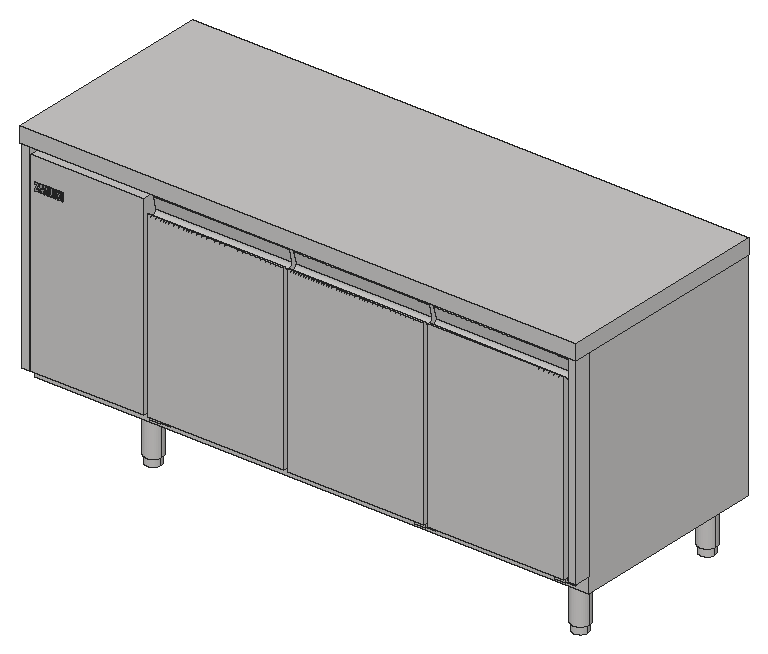
Revit family "QF_ZANUSSI_712804_ZHR3BL", category Attrezzature speciali, Revit 2018
Family settings
  Quota connettore circolare = Usa diametro
  Tipo di parte = Normale
  Basato su piano di lavoro = No
  Sempre verticale = Sì
  Taglio con vuoti quando caricato = No
  Condiviso = No
  Punto di calcolo locali = No
Parameters (values of type "Standard")
  Weight = 1.00 kg
  Watts = 250 W
  Volts = 220 V
  URL Manufacturer = "http://www.zanussiprofessional.com"
  URL = "http://www.zanussiprofessional.com"
  Steam Supply Size = 0 mm
  Steam Supply Minimum Pressure = 0.0 Pa
  Steam Supply Maximum Pressure = 0.0 Pa
  Steam Consumption per Hour = 0
  Refrigeration Suction Line Size = 0 mm
  Refrigeration Liquid Line Size = 0 mm
  Refrigerant Compressor Remote = yes
  Produttore = "Zanussi"
  Phase = 1
  Modello = "ZHR3BL"
  Length Actual = 1799 mm  # constant formula
  Item Number = "712804"
  Hot Water Size = 0 mm
  Height Actual = 900 mm  # constant formula
  HP = "0.3 HP"
  Gas Size = 0 mm
  Gas KW = 0
  Gas Input Pressure = 0 W
  Direct Waste Size = 0 mm
  Descrizione = "REFR.COUNTER 440L 3xDOOR CU_LFT A304"
  Depth Actual = 700 mm  # constant formula
  Cycle = 50 Hz
  Condensate Return Size = 0 mm
  Compressed Air Volume = 0.0 L/s
  Compressed Air Size = 0 mm
  Compressed Air Pressure = 0.0 Pa
  Cold Water Size = 0 mm
  Accessory = yes
Values of the unnamed type that differ from the named types
  Weight = 0.00 kg
  Watts = 0 W
  Volts = 0 V
  URL Manufacturer = ""
  Item Number = ""
  HP = ""
  Cycle = 0 Hz
Reference planes
  plane 1: z = 0
  plane 2 "Center (Left/Right)": x = -126.5
  plane 3 "Center (Front/Back)": y = 64.5
  plane 4 "BACK": y = 414.5
  plane 5 "FRONT": y = -285.5
  plane 6 "LEFT": x = -1026
  plane 7 "RIGHT": x = 773
  plane 8 "FEET": z = 150
  plane 9 "TOP": z = 900
  plane 10 "PLAIN": z = 850
  plane 11 "EI_back": y = 333.5
  plane 12 "EI_left": x = -938
  plane 13 "BorderBack": y = 414.5
  plane 14 "BorderFront": y = -280.5
  plane 15 "DOOR": y = -230.5
  plane 16 "BorderLeft": x = -1024
  plane 17 "BorderRight": x = 771
  plane 18: x = -999
  plane 19: x = 746
Forms (mm)
  Extrusion 1, solid, material "QF_Finishes_Stainless Steel"
    sketch origin (-1022.223, -1524, 150) x (-1, 0, 0) y (0, -1, 0)
      loop
        circle (-84.223, -1857.5) r 5
    from 0 to -40
  Extrusion 2, solid, material "QF_Finishes_Stainless Steel"
    sketch origin (-1022.223, -1524, 150) x (-1, 0, 0) y (0, -1, 0)
      loop
        line (-1768.223, -1293.5) -> (-1768.223, -1243.5) -> (-1793.223, -1243.5) -> (-1793.223, -1293.5) -> (-1768.223, -1293.5)
    from 48 to 700
  Extrusion 3, solid, material "QF_Finishes_Stainless Steel"
    sketch origin (-1022.223, -1524, 150) x (-1, 0, 0) y (0, -1, 0)
      loop
        line (1.777, -1938.5) -> (1.777, -1293.5) -> (-1793.223, -1293.5) -> (-1793.223, -1938.5) -> (1.777, -1938.5)
    from 0 to 700
  Extrusion 4, solid, material "QF_Finishes_Stainless Steel"
    sketch origin (769.223, -1524, 150) x (1, 0, 0) y (0, 1, 0)
      loop
        line (-1768.223, 1293.5) -> (-1793.223, 1293.5) -> (-1793.223, 1243.5) -> (-1768.223, 1243.5) -> (-1768.223, 1293.5)
    from 48 to 700
Dimensions and locks
  equal spacing: plane 6 "LEFT", plane 2 "Center (Left/Right)", plane 7 "RIGHT"
  plane 4 "BACK" to plane 5 "FRONT" = 700 mm  (x2)
  plane 8 "FEET" to level = 150 mm
  plane 4 "BACK" to plane 13 "BorderBack" = 0 mm
  plane 14 "BorderFront" to plane 5 "FRONT" = 5 mm
  plane 15 "DOOR" to plane 14 "BorderFront" = 50 mm
  plane 6 "LEFT" to plane 16 "BorderLeft" = 2 mm
  plane 17 "BorderRight" to plane 7 "RIGHT" = 2 mm
  plane 10 "PLAIN" to plane 8 "FEET" = 700 mm
  plane 9 "TOP" to plane 10 "PLAIN" = 50 mm
  plane 16 "BorderLeft" to plane 18 = 25 mm
  plane 19 to plane 17 "BorderRight" = 25 mm
  plane 13 "BorderBack" to plane 11 "EI_back" = 81 mm
  plane 16 "BorderLeft" to plane 12 "EI_left" = 86 mm
  plane 6 "LEFT" to plane 7 "RIGHT" = 1799 mm
  equal spacing: plane 4 "BACK", plane 3 "Center (Front/Back)", plane 5 "FRONT"
  aligned and locked: level to plane 1
Automatic sketch dimensions
  Extrusion 1 sketch curve to plane 11 "EI_back" = 0 mm
  Extrusion 1 sketch curve to plane 12 "EI_left" = 0 mm
  Extrusion 2 sketch curve to plane 15 "DOOR" = 0 mm
  Extrusion 2 sketch curve to plane 17 "BorderRight" = 0 mm
  Extrusion 2 sketch curve to plane 14 "BorderFront" = 0 mm
  Extrusion 2 sketch curve to plane 19 = 0 mm
  Extrusion 3 sketch curve to plane 13 "BorderBack" = 0 mm
  Extrusion 3 sketch curve to plane 17 "BorderRight" = 0 mm
  Extrusion 3 sketch curve to plane 15 "DOOR" = 0 mm
  Extrusion 3 sketch curve to plane 16 "BorderLeft" = 0 mm
  Extrusion 4 sketch curve to plane 15 "DOOR" = 0 mm
  Extrusion 4 sketch curve to plane 16 "BorderLeft" = 0 mm
  Extrusion 4 sketch curve to plane 14 "BorderFront" = 0 mm
  Extrusion 4 sketch curve to plane 18 = 0 mm
  radius of Extrusion 1 sketch curve = 5 mm
Nested families
  nested 1: "HPP_PLAIN" at (0, 0, 0), type "HPP_PLAIN"
    with Show Logo yes, Show Clearance yes, Length 1799 mm
  nested 2: "HPP_Refrigerator" at (773, -280.5, 0), type "HPP_Refrigerator"
  nested 3: "HPP_FEET" at (-679, 333.5, 0), type "HPP_FEET"
  nested 4: "HPP_FEET" at (705, 333.5, 0), type "HPP_FEET"
  nested 5: "HPP_FEET" at (-679, -180.5, 0), type "HPP_FEET"
  nested 6: "HPP_FEET" at (705, -180.5, 0), type "HPP_FEET"
  nested 7: "HPP_ZAN_BI_TN_L" at (-704.58, -230.5, 598) x (1, 0, 0) z (0, -1, 0), type "HPP_ZAN_BI_TN_L"
    with Show Logo yes
  nested 8: "HPP_ZAN_SD_L" at (-396, -230.5, 512) x (1, 0, 0) z (0, -1, 0), type "HPP_ZAN_SD_L"
    with Show Clearance yes
  nested 9: "HPP_ZAN_SD_R" at (58, -230.5, 512) x (1, 0, 0) z (0, -1, 0), type "HPP_ZAN_SD_R"
    with Show Clearance yes
  nested 10: "HPP_ZAN_SD_R" at (512, -230.5, 512) x (1, 0, 0) z (0, -1, 0), type "HPP_ZAN_SD_R"
    with Show Clearance yes
Connectors
  electrical at (-938, 333.5, 110), driven by "Volts"
    settings: on Extrusion 1, index 1, voltage 220 V, apparent load 0 VA, apparent load phase1 0 VA, apparent load phase2 0 VA, apparent load phase3 0 VA, power factor 1, load classification "Other", number of poles 1, system type 31, power factor state 1, is connector primary yes, connector utility no, sub classification motor no, connector description "Electrical Connection"
Definition of nested family "HPP_PLAIN"
  Parameters
    Show Logo [instance] = yes
    Show Clearance [instance] = yes
    Plain = 50 mm
    Manufacturer = ""
    Model = ""
    Length = 1000 mm
    Height = 700 mm
    Feet = 150 mm
    Depth = 700 mm
    Description = ""
  Reference planes
    plane 1 "Center (Front/Back)": y = 64.5
    plane 2: z = 0
    plane 3 "Center (Left/Right)": x = -126.5
    plane 4 "BACK": y = 414.5
    plane 5 "FRONT": y = -285.5
    plane 6 "LEFT": x = -626.5
    plane 7 "RIGHT": x = 373.5
    plane 8 "FEET": z = 150
    plane 9 "TOP": z = 900
    plane 10 "PLAIN": z = 850
  Forms (mm)
    Extrusion 1, solid
      sketch origin (-626.5, 0, 0) x (0, 1, 0) y (0, 0, 1)
        loop
          line (414.5, 900) -> (-285.5, 900) -> (-285.5, 850) -> (414.5, 850) -> (414.5, 900)
      from 0 to 1000 <- "Length"
  Lines and regions (mm)
    symbolic lines
      curve 1: line (373.5, 414.5, 150) -> (-626.5, 414.5, 150)
      curve 2: line (-626.5, 414.5, 150) -> (-626.5, -285.5, 150)
      curve 3: line (-626.5, -285.5, 150) -> (373.5, -285.5, 150)
      curve 4: line (373.5, -285.5, 150) -> (373.5, 414.5, 150)
      curve 5: line (-626.5, -230.5, 150) -> (373.5, -230.5, 150)
  Dimensions and locks
    equal spacing: plane 6 "LEFT", plane 3 "Center (Left/Right)", plane 7 "RIGHT"
    equal spacing: plane 4 "BACK", plane 1 "Center (Front/Back)", plane 5 "FRONT"
    plane 4 "BACK" to plane 5 "FRONT" = 700 mm
    "Feet": plane 8 "FEET" to level
    "Height": plane 10 "PLAIN" to plane 8 "FEET"
    "Plain": plane 9 "TOP" to plane 10 "PLAIN"
    "Length": plane 6 "LEFT" to plane 7 "RIGHT"
    "Depth": plane 4 "BACK" to plane 5 "FRONT"
    aligned and locked: level to plane 2
  Automatic sketch dimensions
    Extrusion 1 sketch curve to plane 5 "FRONT" = 0 mm
    Extrusion 1 sketch curve to plane 4 "BACK" = 0 mm
    Extrusion 1 sketch curve to plane 10 "PLAIN" = 0 mm
    Extrusion 1 sketch curve to plane 9 "TOP" = 0 mm
    curve 1 to plane 4 "BACK" = 0 mm
    plane 5 "FRONT" to curve 5 = 55 mm
    curve 5 to plane 7 "RIGHT" = 0 mm
    curve 5 to plane 6 "LEFT" = 0 mm
    curve 3 to plane 5 "FRONT" = 0 mm
Definition of nested family "HPP_FEET"
  Parameters
    FEET = 150 mm
  Reference planes
    plane 1 "Center (Front/Back)": y = 0
    plane 2: z = 0
    plane 3 "Center (Left/Right)": x = 0
    plane 4: z = 150
  Forms (mm)
    Revolve 1, solid
      sketch origin (255.05, 0, 608.09) x (0, 0, 1) y (-1, 0, 0)
        loop
          line (-608.09, 255.05) -> (-608.09, 230.05) -> (-583.09, 230.05) -> (-583.09, 226.05) -> (-458.09, 226.05) -> (-458.09, 255.05) -> (-608.09, 255.05)
        axis (-608.09, 255.05) -> (-458.09, 255.05)
      angle from 0 to 360
  Dimensions and locks
    locked: Revolve 1 sketch curve to Revolve 1 sketch curve at 125
    "FEET": plane 4 to plane 2
    aligned and locked: level to plane 2
    aligned and locked: plane 4 to Revolve 1 sketch curve
    aligned and locked: Revolve 1 sketch curve to level
    aligned and locked: plane 3 "Center (Left/Right)" to Revolve 1 sketch curve
  Automatic sketch dimensions
    Revolve 1 sketch curve to plane 3 "Center (Left/Right)" = 0 mm
    Revolve 1 sketch curve to Revolve 1 sketch curve = 25 mm
    Revolve 1 sketch curve to Revolve 1 sketch curve = 29 mm
    plane 4 to Revolve 1 sketch curve = 50 mm
    Revolve 1 sketch curve to Revolve 1 sketch curve = 20 mm
Definition of nested family "HPP_ZAN_BI_TN_L"
  Parameters
    Show Logo [instance] = yes
    Default Elevation = 1219.2 mm
  Reference planes
    plane 1 "Center (Front/Back)": y = -86
    plane 2: z = 0
    plane 3 "Center (Left/Right)": x = -109.92
    plane 4: x = -294.42
    plane 5: x = 74.58
    plane 6: y = 228
    plane 7: y = -400
  Forms (mm)
    Extrusion 1, solid
      sketch origin (0, 0, 0) x (1, 0, 0) y (0, 1, 0)
        loop
          line (-1219.2, 1219.2) -> (-1219.2, -1219.2) -> (1219.2, -1219.2) -> (1219.2, 1219.2) -> (-1219.2, 1219.2)
      from 0 to -304.8
    Extrusion 2, solid
      sketch origin (0, 0, 0) x (1, 0, 0) y (0, 1, 0)
        loop
          line (-294.42, 228) -> (-294.42, -400) -> (74.58, -400) -> (74.58, 228) -> (-294.42, 228)
      from 0 to 50
    Extrusion 3, solid
      sketch origin (0, 0, 0) x (1, 0, 0) y (0, 1, 0)
        loop
          line (-264.48, 129.377) -> (-264.48, 134.29) -> (-271.848, 134.29) -> (-264.48, 149.31) -> (-264.48, 153.381) -> (-276.692, 153.381) -> (-276.692, 148.889) -> (-270.235, 149.029) -> (-277.254, 134.29) -> (-277.254, 129.377) -> (-264.48, 129.377)
        loop
          line (-257.429, 138.361) -> (-254.622, 138.361) -> (-256.025, 149.278) -> (-257.429, 138.361)
        loop
          line (-258.692, 129.377) -> (-257.991, 134.009) -> (-253.92, 134.009) -> (-253.218, 129.377) -> (-248.164, 129.377) -> (-252.656, 153.381) -> (-259.394, 153.381) -> (-263.746, 129.377) -> (-258.692, 129.377)
        loop
          line (-247.542, 153.381) -> (-247.542, 129.377) -> (-243.191, 129.377) -> (-243.191, 145.239) -> (-239.12, 129.377) -> (-233.786, 129.377) -> (-233.786, 153.381) -> (-238.278, 153.381) -> (-238.278, 138.08) -> (-242.348, 153.381) -> (-247.542, 153.381)
        loop
          arc (-232.663, 135.313) -> (-226.658, 129.338) -> (-219.889, 134.43) r 6.468
          line (-219.889, 134.43) -> (-219.889, 153.381) -> (-224.802, 153.381) -> (-224.802, 135.553)
          arc (-224.802, 135.553) -> (-226.093, 134.064) -> (-227.75, 135.132) r 1.504
          line (-227.75, 135.132) -> (-227.75, 153.381) -> (-232.663, 153.381) -> (-232.663, 135.313)
        loop
          line (-210.764, 145.8) -> (-206.132, 145.8) -> (-206.056, 147.983)
          arc (-206.056, 147.983) -> (-206.379, 150.415) -> (-207.904, 152.338) r 4.609
          arc (-207.904, 152.338) -> (-212.388, 153.8) -> (-216.872, 152.338) r 7.606
          arc (-216.872, 152.338) -> (-218.7, 148.788) -> (-218.474, 144.801) r 7.59
          arc (-218.474, 144.801) -> (-216.972, 142.597) -> (-215.128, 140.67) r 16.193
          line (-215.128, 140.67) -> (-213.059, 138.836)
          arc (-213.059, 138.836) -> (-211.836, 137.798) -> (-210.886, 136.505) r 6.904
          arc (-210.886, 136.505) -> (-211.121, 134.247) -> (-213.334, 133.743) r 1.95
          arc (-213.334, 133.743) -> (-214.001, 134.417) -> (-214.286, 135.321) r 2.021
          arc (-214.286, 135.321) -> (-214.308, 135.958) -> (-214.286, 136.595) r 9.221
          arc (-214.286, 136.595) -> (-214.265, 137.197) -> (-214.286, 137.799) r 8.711
          line (-214.286, 137.799) -> (-219.187, 137.799)
          arc (-219.187, 137.799) -> (-219.14, 134.363) -> (-217.785, 131.205) r 8.837
          arc (-217.785, 131.205) -> (-211.386, 129.382) -> (-205.995, 133.284) r 7.618
          arc (-205.995, 133.284) -> (-205.897, 137.313) -> (-207.626, 140.954) r 8.7
          line (-207.626, 140.954) -> (-213.01, 145.8)
          arc (-213.01, 145.8) -> (-213.739, 146.716) -> (-214.129, 147.818) r 3.541
          arc (-214.129, 147.818) -> (-212.743, 149.797) -> (-210.764, 148.411) r 1.708
          line (-210.764, 148.411) -> (-210.764, 145.8)
        loop
          line (-196.764, 145.8) -> (-192.132, 145.8) -> (-192.056, 147.983)
          arc (-192.056, 147.983) -> (-192.379, 150.415) -> (-193.904, 152.338) r 4.609
          arc (-193.904, 152.338) -> (-198.388, 153.8) -> (-202.872, 152.338) r 7.606
          arc (-202.872, 152.338) -> (-204.7, 148.788) -> (-204.474, 144.801) r 7.59
          arc (-204.474, 144.801) -> (-202.972, 142.597) -> (-201.128, 140.67) r 16.193
          line (-201.128, 140.67) -> (-199.059, 138.836)
          arc (-199.059, 138.836) -> (-197.836, 137.798) -> (-196.886, 136.505) r 6.904
          arc (-196.886, 136.505) -> (-197.121, 134.247) -> (-199.334, 133.743) r 1.95
          arc (-199.334, 133.743) -> (-200.001, 134.417) -> (-200.286, 135.321) r 2.021
          arc (-200.286, 135.321) -> (-200.308, 135.958) -> (-200.286, 136.595) r 9.221
          arc (-200.286, 136.595) -> (-200.265, 137.197) -> (-200.286, 137.799) r 8.711
          line (-200.286, 137.799) -> (-205.187, 137.799)
          arc (-205.187, 137.799) -> (-205.14, 134.363) -> (-203.785, 131.205) r 8.837
          arc (-203.785, 131.205) -> (-197.386, 129.382) -> (-191.995, 133.284) r 7.618
          arc (-191.995, 133.284) -> (-191.897, 137.313) -> (-193.626, 140.954) r 8.7
          line (-193.626, 140.954) -> (-199.01, 145.8)
          arc (-199.01, 145.8) -> (-199.739, 146.716) -> (-200.129, 147.818) r 3.541
          arc (-200.129, 147.818) -> (-198.743, 149.797) -> (-196.764, 148.411) r 1.708
          line (-196.764, 148.411) -> (-196.764, 145.8)
        loop
          line (-191.112, 153.381) -> (-191.112, 129.377) -> (-186.199, 129.377) -> (-186.199, 153.381) -> (-191.112, 153.381)
      from 50 to 51.6
  Lines and regions (mm)
    Split face 1
      outline origin (-47.5, 0, 50) x (1, 0, 0) y (0, 1, 0)
        loop
          line (7.08, 153) -> (7.08, 130) -> (77.08, 130) -> (77.08, 153) -> (7.08, 153)
    Split face 2
      outline origin (0, 0, 50) x (1, 0, 0) y (0, 1, 0)
        loop
          line (-294.42, 164) -> (74.58, 164)
    Split face 3
      outline origin (-17.5, 0, 50) x (1, 0, 0) y (0, 1, 0)
        loop
          arc (-250.964, 107.824) -> (-254.964, 103.824) -> (-250.964, 99.824) r 4
          line (-250.964, 99.824) -> (-208.964, 99.824)
          arc (-208.964, 99.824) -> (-204.964, 103.824) -> (-208.964, 107.824) r 4
          line (-208.964, 107.824) -> (-250.964, 107.824)
    Split face 4
      outline origin (347.5, 0, 50) x (1, 0, 0) y (0, 1, 0)
        loop
          arc (-340.964, 107.824) -> (-344.964, 103.824) -> (-340.964, 99.824) r 4
          line (-340.964, 99.824) -> (-298.964, 99.824)
          arc (-298.964, 99.824) -> (-294.964, 103.824) -> (-298.964, 107.824) r 4
          line (-298.964, 107.824) -> (-340.964, 107.824)
    Split face 5
      outline origin (92.5, 0, 50) x (1, 0, 0) y (0, 1, 0)
        loop
          arc (-305.964, 107.824) -> (-309.964, 103.824) -> (-305.964, 99.824) r 4
          line (-305.964, 99.824) -> (-263.964, 99.824)
          arc (-263.964, 99.824) -> (-259.964, 103.824) -> (-263.964, 107.824) r 4
          line (-263.964, 107.824) -> (-305.964, 107.824)
    Split face 6
      outline origin (237.5, 0, 50) x (1, 0, 0) y (0, 1, 0)
        loop
          arc (-285.964, 107.824) -> (-289.964, 103.824) -> (-285.964, 99.824) r 4
          line (-285.964, 99.824) -> (-243.964, 99.824)
          arc (-243.964, 99.824) -> (-239.964, 103.824) -> (-243.964, 107.824) r 4
          line (-243.964, 107.824) -> (-285.964, 107.824)
    Split face 7
      outline origin (-17.5, -24, 50) x (1, 0, 0) y (0, 1, 0)
        loop
          arc (-250.964, 119.824) -> (-254.964, 115.824) -> (-250.964, 111.824) r 4
          line (-250.964, 111.824) -> (-208.964, 111.824)
          arc (-208.964, 111.824) -> (-204.964, 115.824) -> (-208.964, 119.824) r 4
          line (-208.964, 119.824) -> (-250.964, 119.824)
    Split face 8
      outline origin (347.5, -24, 50) x (1, 0, 0) y (0, 1, 0)
        loop
          arc (-340.964, 119.824) -> (-344.964, 115.824) -> (-340.964, 111.824) r 4
          line (-340.964, 111.824) -> (-298.964, 111.824)
          arc (-298.964, 111.824) -> (-294.964, 115.824) -> (-298.964, 119.824) r 4
          line (-298.964, 119.824) -> (-340.964, 119.824)
    Split face 9
      outline origin (92.5, -24, 50) x (1, 0, 0) y (0, 1, 0)
        loop
          arc (-305.964, 119.824) -> (-309.964, 115.824) -> (-305.964, 111.824) r 4
          line (-305.964, 111.824) -> (-263.964, 111.824)
          arc (-263.964, 111.824) -> (-259.964, 115.824) -> (-263.964, 119.824) r 4
          line (-263.964, 119.824) -> (-305.964, 119.824)
    Split face 10
      outline origin (237.5, -24, 50) x (1, 0, 0) y (0, 1, 0)
        loop
          arc (-285.964, 119.824) -> (-289.964, 115.824) -> (-285.964, 111.824) r 4
          line (-285.964, 111.824) -> (-243.964, 111.824)
          arc (-243.964, 111.824) -> (-239.964, 115.824) -> (-243.964, 119.824) r 4
          line (-243.964, 119.824) -> (-285.964, 119.824)
    Split face 11
      outline origin (-17.5, -48, 50) x (1, 0, 0) y (0, 1, 0)
        loop
          arc (-250.964, 131.824) -> (-254.964, 127.824) -> (-250.964, 123.824) r 4
          line (-250.964, 123.824) -> (-208.964, 123.824)
          arc (-208.964, 123.824) -> (-204.964, 127.824) -> (-208.964, 131.824) r 4
          line (-208.964, 131.824) -> (-250.964, 131.824)
    Split face 12
      outline origin (347.5, -48, 50) x (1, 0, 0) y (0, 1, 0)
        loop
          arc (-340.964, 131.824) -> (-344.964, 127.824) -> (-340.964, 123.824) r 4
          line (-340.964, 123.824) -> (-298.964, 123.824)
          arc (-298.964, 123.824) -> (-294.964, 127.824) -> (-298.964, 131.824) r 4
          line (-298.964, 131.824) -> (-340.964, 131.824)
    Split face 13
      outline origin (92.5, -48, 50) x (1, 0, 0) y (0, 1, 0)
        loop
          arc (-305.964, 131.824) -> (-309.964, 127.824) -> (-305.964, 123.824) r 4
          line (-305.964, 123.824) -> (-263.964, 123.824)
          arc (-263.964, 123.824) -> (-259.964, 127.824) -> (-263.964, 131.824) r 4
          line (-263.964, 131.824) -> (-305.964, 131.824)
    Split face 14
      outline origin (237.5, -48, 50) x (1, 0, 0) y (0, 1, 0)
        loop
          arc (-285.964, 131.824) -> (-289.964, 127.824) -> (-285.964, 123.824) r 4
          line (-285.964, 123.824) -> (-243.964, 123.824)
          arc (-243.964, 123.824) -> (-239.964, 127.824) -> (-243.964, 131.824) r 4
          line (-243.964, 131.824) -> (-285.964, 131.824)
    Split face 15
      outline origin (-17.5, -72, 50) x (1, 0, 0) y (0, 1, 0)
        loop
          arc (-250.964, 143.824) -> (-254.964, 139.824) -> (-250.964, 135.824) r 4
          line (-250.964, 135.824) -> (-208.964, 135.824)
          arc (-208.964, 135.824) -> (-204.964, 139.824) -> (-208.964, 143.824) r 4
          line (-208.964, 143.824) -> (-250.964, 143.824)
    Split face 16
      outline origin (347.5, -72, 50) x (1, 0, 0) y (0, 1, 0)
        loop
          arc (-340.964, 143.824) -> (-344.964, 139.824) -> (-340.964, 135.824) r 4
          line (-340.964, 135.824) -> (-298.964, 135.824)
          arc (-298.964, 135.824) -> (-294.964, 139.824) -> (-298.964, 143.824) r 4
          line (-298.964, 143.824) -> (-340.964, 143.824)
    Split face 17
      outline origin (92.5, -72, 50) x (1, 0, 0) y (0, 1, 0)
        loop
          arc (-305.964, 143.824) -> (-309.964, 139.824) -> (-305.964, 135.824) r 4
          line (-305.964, 135.824) -> (-263.964, 135.824)
          arc (-263.964, 135.824) -> (-259.964, 139.824) -> (-263.964, 143.824) r 4
          line (-263.964, 143.824) -> (-305.964, 143.824)
    Split face 18
      outline origin (237.5, -72, 50) x (1, 0, 0) y (0, 1, 0)
        loop
          arc (-285.964, 143.824) -> (-289.964, 139.824) -> (-285.964, 135.824) r 4
          line (-285.964, 135.824) -> (-243.964, 135.824)
          arc (-243.964, 135.824) -> (-239.964, 139.824) -> (-243.964, 143.824) r 4
          line (-243.964, 143.824) -> (-285.964, 143.824)
    Split face 19
      outline origin (-17.5, -96, 50) x (1, 0, 0) y (0, 1, 0)
        loop
          arc (-250.964, 155.824) -> (-254.964, 151.824) -> (-250.964, 147.824) r 4
          line (-250.964, 147.824) -> (-208.964, 147.824)
          arc (-208.964, 147.824) -> (-204.964, 151.824) -> (-208.964, 155.824) r 4
          line (-208.964, 155.824) -> (-250.964, 155.824)
    Split face 20
      outline origin (347.5, -96, 50) x (1, 0, 0) y (0, 1, 0)
        loop
          arc (-340.964, 155.824) -> (-344.964, 151.824) -> (-340.964, 147.824) r 4
          line (-340.964, 147.824) -> (-298.964, 147.824)
          arc (-298.964, 147.824) -> (-294.964, 151.824) -> (-298.964, 155.824) r 4
          line (-298.964, 155.824) -> (-340.964, 155.824)
    Split face 21
      outline origin (92.5, -96, 50) x (1, 0, 0) y (0, 1, 0)
        loop
          arc (-305.964, 155.824) -> (-309.964, 151.824) -> (-305.964, 147.824) r 4
          line (-305.964, 147.824) -> (-263.964, 147.824)
          arc (-263.964, 147.824) -> (-259.964, 151.824) -> (-263.964, 155.824) r 4
          line (-263.964, 155.824) -> (-305.964, 155.824)
    Split face 22
      outline origin (237.5, -96, 50) x (1, 0, 0) y (0, 1, 0)
        loop
          arc (-285.964, 155.824) -> (-289.964, 151.824) -> (-285.964, 147.824) r 4
          line (-285.964, 147.824) -> (-243.964, 147.824)
          arc (-243.964, 147.824) -> (-239.964, 151.824) -> (-243.964, 155.824) r 4
          line (-243.964, 155.824) -> (-285.964, 155.824)
    Split face 23
      outline origin (-17.5, -120, 50) x (1, 0, 0) y (0, 1, 0)
        loop
          arc (-250.964, 167.824) -> (-254.964, 163.824) -> (-250.964, 159.824) r 4
          line (-250.964, 159.824) -> (-208.964, 159.824)
          arc (-208.964, 159.824) -> (-204.964, 163.824) -> (-208.964, 167.824) r 4
          line (-208.964, 167.824) -> (-250.964, 167.824)
    Split face 24
      outline origin (347.5, -120, 50) x (1, 0, 0) y (0, 1, 0)
        loop
          arc (-340.964, 167.824) -> (-344.964, 163.824) -> (-340.964, 159.824) r 4
          line (-340.964, 159.824) -> (-298.964, 159.824)
          arc (-298.964, 159.824) -> (-294.964, 163.824) -> (-298.964, 167.824) r 4
          line (-298.964, 167.824) -> (-340.964, 167.824)
    Split face 25
      outline origin (92.5, -120, 50) x (1, 0, 0) y (0, 1, 0)
        loop
          arc (-305.964, 167.824) -> (-309.964, 163.824) -> (-305.964, 159.824) r 4
          line (-305.964, 159.824) -> (-263.964, 159.824)
          arc (-263.964, 159.824) -> (-259.964, 163.824) -> (-263.964, 167.824) r 4
          line (-263.964, 167.824) -> (-305.964, 167.824)
    Split face 26
      outline origin (237.5, -120, 50) x (1, 0, 0) y (0, 1, 0)
        loop
          arc (-285.964, 167.824) -> (-289.964, 163.824) -> (-285.964, 159.824) r 4
          line (-285.964, 159.824) -> (-243.964, 159.824)
          arc (-243.964, 159.824) -> (-239.964, 163.824) -> (-243.964, 167.824) r 4
          line (-243.964, 167.824) -> (-285.964, 167.824)
    Split face 27
      outline origin (-17.5, -144, 50) x (1, 0, 0) y (0, 1, 0)
        loop
          arc (-250.964, 179.824) -> (-254.964, 175.824) -> (-250.964, 171.824) r 4
          line (-250.964, 171.824) -> (-208.964, 171.824)
          arc (-208.964, 171.824) -> (-204.964, 175.824) -> (-208.964, 179.824) r 4
          line (-208.964, 179.824) -> (-250.964, 179.824)
    Split face 28
      outline origin (347.5, -144, 50) x (1, 0, 0) y (0, 1, 0)
        loop
          arc (-340.964, 179.824) -> (-344.964, 175.824) -> (-340.964, 171.824) r 4
          line (-340.964, 171.824) -> (-298.964, 171.824)
          arc (-298.964, 171.824) -> (-294.964, 175.824) -> (-298.964, 179.824) r 4
          line (-298.964, 179.824) -> (-340.964, 179.824)
    Split face 29
      outline origin (92.5, -144, 50) x (1, 0, 0) y (0, 1, 0)
        loop
          arc (-305.964, 179.824) -> (-309.964, 175.824) -> (-305.964, 171.824) r 4
          line (-305.964, 171.824) -> (-263.964, 171.824)
          arc (-263.964, 171.824) -> (-259.964, 175.824) -> (-263.964, 179.824) r 4
          line (-263.964, 179.824) -> (-305.964, 179.824)
    Split face 30
      outline origin (237.5, -144, 50) x (1, 0, 0) y (0, 1, 0)
        loop
          arc (-285.964, 179.824) -> (-289.964, 175.824) -> (-285.964, 171.824) r 4
          line (-285.964, 171.824) -> (-243.964, 171.824)
          arc (-243.964, 171.824) -> (-239.964, 175.824) -> (-243.964, 179.824) r 4
          line (-243.964, 179.824) -> (-285.964, 179.824)
    Split face 31
      outline origin (-17.5, -168, 50) x (1, 0, 0) y (0, 1, 0)
        loop
          arc (-250.964, 191.824) -> (-254.964, 187.824) -> (-250.964, 183.824) r 4
          line (-250.964, 183.824) -> (-208.964, 183.824)
          arc (-208.964, 183.824) -> (-204.964, 187.824) -> (-208.964, 191.824) r 4
          line (-208.964, 191.824) -> (-250.964, 191.824)
    Split face 32
      outline origin (347.5, -168, 50) x (1, 0, 0) y (0, 1, 0)
        loop
          arc (-340.964, 191.824) -> (-344.964, 187.824) -> (-340.964, 183.824) r 4
          line (-340.964, 183.824) -> (-298.964, 183.824)
          arc (-298.964, 183.824) -> (-294.964, 187.824) -> (-298.964, 191.824) r 4
          line (-298.964, 191.824) -> (-340.964, 191.824)
    Split face 33
      outline origin (92.5, -168, 50) x (1, 0, 0) y (0, 1, 0)
        loop
          arc (-305.964, 191.824) -> (-309.964, 187.824) -> (-305.964, 183.824) r 4
          line (-305.964, 183.824) -> (-263.964, 183.824)
          arc (-263.964, 183.824) -> (-259.964, 187.824) -> (-263.964, 191.824) r 4
          line (-263.964, 191.824) -> (-305.964, 191.824)
    Split face 34
      outline origin (237.5, -168, 50) x (1, 0, 0) y (0, 1, 0)
        loop
          arc (-285.964, 191.824) -> (-289.964, 187.824) -> (-285.964, 183.824) r 4
          line (-285.964, 183.824) -> (-243.964, 183.824)
          arc (-243.964, 183.824) -> (-239.964, 187.824) -> (-243.964, 191.824) r 4
          line (-243.964, 191.824) -> (-285.964, 191.824)
    Split face 35
      outline origin (-17.5, -192, 50) x (1, 0, 0) y (0, 1, 0)
        loop
          arc (-250.964, 203.824) -> (-254.964, 199.824) -> (-250.964, 195.824) r 4
          line (-250.964, 195.824) -> (-208.964, 195.824)
          arc (-208.964, 195.824) -> (-204.964, 199.824) -> (-208.964, 203.824) r 4
          line (-208.964, 203.824) -> (-250.964, 203.824)
    Split face 36
      outline origin (347.5, -192, 50) x (1, 0, 0) y (0, 1, 0)
        loop
          arc (-340.964, 203.824) -> (-344.964, 199.824) -> (-340.964, 195.824) r 4
          line (-340.964, 195.824) -> (-298.964, 195.824)
          arc (-298.964, 195.824) -> (-294.964, 199.824) -> (-298.964, 203.824) r 4
          line (-298.964, 203.824) -> (-340.964, 203.824)
    Split face 37
      outline origin (92.5, -192, 50) x (1, 0, 0) y (0, 1, 0)
        loop
          arc (-305.964, 203.824) -> (-309.964, 199.824) -> (-305.964, 195.824) r 4
          line (-305.964, 195.824) -> (-263.964, 195.824)
          arc (-263.964, 195.824) -> (-259.964, 199.824) -> (-263.964, 203.824) r 4
          line (-263.964, 203.824) -> (-305.964, 203.824)
    Split face 38
      outline origin (237.5, -192, 50) x (1, 0, 0) y (0, 1, 0)
        loop
          arc (-285.964, 203.824) -> (-289.964, 199.824) -> (-285.964, 195.824) r 4
          line (-285.964, 195.824) -> (-243.964, 195.824)
          arc (-243.964, 195.824) -> (-239.964, 199.824) -> (-243.964, 203.824) r 4
          line (-243.964, 203.824) -> (-285.964, 203.824)
    Split face 39
      outline origin (-17.5, -216, 50) x (1, 0, 0) y (0, 1, 0)
        loop
          arc (-250.964, 215.824) -> (-254.964, 211.824) -> (-250.964, 207.824) r 4
          line (-250.964, 207.824) -> (-208.964, 207.824)
          arc (-208.964, 207.824) -> (-204.964, 211.824) -> (-208.964, 215.824) r 4
          line (-208.964, 215.824) -> (-250.964, 215.824)
    Split face 40
      outline origin (347.5, -216, 50) x (1, 0, 0) y (0, 1, 0)
        loop
          arc (-340.964, 215.824) -> (-344.964, 211.824) -> (-340.964, 207.824) r 4
          line (-340.964, 207.824) -> (-298.964, 207.824)
          arc (-298.964, 207.824) -> (-294.964, 211.824) -> (-298.964, 215.824) r 4
          line (-298.964, 215.824) -> (-340.964, 215.824)
    Split face 41
      outline origin (92.5, -216, 50) x (1, 0, 0) y (0, 1, 0)
        loop
          arc (-305.964, 215.824) -> (-309.964, 211.824) -> (-305.964, 207.824) r 4
          line (-305.964, 207.824) -> (-263.964, 207.824)
          arc (-263.964, 207.824) -> (-259.964, 211.824) -> (-263.964, 215.824) r 4
          line (-263.964, 215.824) -> (-305.964, 215.824)
    Split face 42
      outline origin (237.5, -216, 50) x (1, 0, 0) y (0, 1, 0)
        loop
          arc (-285.964, 215.824) -> (-289.964, 211.824) -> (-285.964, 207.824) r 4
          line (-285.964, 207.824) -> (-243.964, 207.824)
          arc (-243.964, 207.824) -> (-239.964, 211.824) -> (-243.964, 215.824) r 4
          line (-243.964, 215.824) -> (-285.964, 215.824)
    Split face 43
      outline origin (-17.5, -240, 50) x (1, 0, 0) y (0, 1, 0)
        loop
          arc (-250.964, 227.824) -> (-254.964, 223.824) -> (-250.964, 219.824) r 4
          line (-250.964, 219.824) -> (-208.964, 219.824)
          arc (-208.964, 219.824) -> (-204.964, 223.824) -> (-208.964, 227.824) r 4
          line (-208.964, 227.824) -> (-250.964, 227.824)
    Split face 44
      outline origin (347.5, -240, 50) x (1, 0, 0) y (0, 1, 0)
        loop
          arc (-340.964, 227.824) -> (-344.964, 223.824) -> (-340.964, 219.824) r 4
          line (-340.964, 219.824) -> (-298.964, 219.824)
          arc (-298.964, 219.824) -> (-294.964, 223.824) -> (-298.964, 227.824) r 4
          line (-298.964, 227.824) -> (-340.964, 227.824)
    Split face 45
      outline origin (92.5, -240, 50) x (1, 0, 0) y (0, 1, 0)
        loop
          arc (-305.964, 227.824) -> (-309.964, 223.824) -> (-305.964, 219.824) r 4
          line (-305.964, 219.824) -> (-263.964, 219.824)
          arc (-263.964, 219.824) -> (-259.964, 223.824) -> (-263.964, 227.824) r 4
          line (-263.964, 227.824) -> (-305.964, 227.824)
    Split face 46
      outline origin (237.5, -240, 50) x (1, 0, 0) y (0, 1, 0)
        loop
          arc (-285.964, 227.824) -> (-289.964, 223.824) -> (-285.964, 219.824) r 4
          line (-285.964, 219.824) -> (-243.964, 219.824)
          arc (-243.964, 219.824) -> (-239.964, 223.824) -> (-243.964, 227.824) r 4
          line (-243.964, 227.824) -> (-285.964, 227.824)
    Split face 47
      outline origin (-17.5, -264, 50) x (1, 0, 0) y (0, 1, 0)
        loop
          arc (-250.964, 239.824) -> (-254.964, 235.824) -> (-250.964, 231.824) r 4
          line (-250.964, 231.824) -> (-208.964, 231.824)
          arc (-208.964, 231.824) -> (-204.964, 235.824) -> (-208.964, 239.824) r 4
          line (-208.964, 239.824) -> (-250.964, 239.824)
    Split face 48
      outline origin (347.5, -264, 50) x (1, 0, 0) y (0, 1, 0)
        loop
          arc (-340.964, 239.824) -> (-344.964, 235.824) -> (-340.964, 231.824) r 4
          line (-340.964, 231.824) -> (-298.964, 231.824)
          arc (-298.964, 231.824) -> (-294.964, 235.824) -> (-298.964, 239.824) r 4
          line (-298.964, 239.824) -> (-340.964, 239.824)
    Split face 49
      outline origin (92.5, -264, 50) x (1, 0, 0) y (0, 1, 0)
        loop
          arc (-305.964, 239.824) -> (-309.964, 235.824) -> (-305.964, 231.824) r 4
          line (-305.964, 231.824) -> (-263.964, 231.824)
          arc (-263.964, 231.824) -> (-259.964, 235.824) -> (-263.964, 239.824) r 4
          line (-263.964, 239.824) -> (-305.964, 239.824)
    Split face 50
      outline origin (237.5, -264, 50) x (1, 0, 0) y (0, 1, 0)
        loop
          arc (-285.964, 239.824) -> (-289.964, 235.824) -> (-285.964, 231.824) r 4
          line (-285.964, 231.824) -> (-243.964, 231.824)
          arc (-243.964, 231.824) -> (-239.964, 235.824) -> (-243.964, 239.824) r 4
          line (-243.964, 239.824) -> (-285.964, 239.824)
    Split face 51
      outline origin (-17.5, -288, 50) x (1, 0, 0) y (0, 1, 0)
        loop
          arc (-250.964, 251.824) -> (-254.964, 247.824) -> (-250.964, 243.824) r 4
          line (-250.964, 243.824) -> (-208.964, 243.824)
          arc (-208.964, 243.824) -> (-204.964, 247.824) -> (-208.964, 251.824) r 4
          line (-208.964, 251.824) -> (-250.964, 251.824)
    Split face 52
      outline origin (347.5, -288, 50) x (1, 0, 0) y (0, 1, 0)
        loop
          arc (-340.964, 251.824) -> (-344.964, 247.824) -> (-340.964, 243.824) r 4
          line (-340.964, 243.824) -> (-298.964, 243.824)
          arc (-298.964, 243.824) -> (-294.964, 247.824) -> (-298.964, 251.824) r 4
          line (-298.964, 251.824) -> (-340.964, 251.824)
    Split face 53
      outline origin (92.5, -288, 50) x (1, 0, 0) y (0, 1, 0)
        loop
          arc (-305.964, 251.824) -> (-309.964, 247.824) -> (-305.964, 243.824) r 4
          line (-305.964, 243.824) -> (-263.964, 243.824)
          arc (-263.964, 243.824) -> (-259.964, 247.824) -> (-263.964, 251.824) r 4
          line (-263.964, 251.824) -> (-305.964, 251.824)
    Split face 54
      outline origin (237.5, -288, 50) x (1, 0, 0) y (0, 1, 0)
        loop
          arc (-285.964, 251.824) -> (-289.964, 247.824) -> (-285.964, 243.824) r 4
          line (-285.964, 243.824) -> (-243.964, 243.824)
          arc (-243.964, 243.824) -> (-239.964, 247.824) -> (-243.964, 251.824) r 4
          line (-243.964, 251.824) -> (-285.964, 251.824)
    Split face 55
      outline origin (-17.5, -312, 50) x (1, 0, 0) y (0, 1, 0)
        loop
          arc (-250.964, 263.824) -> (-254.964, 259.824) -> (-250.964, 255.824) r 4
          line (-250.964, 255.824) -> (-208.964, 255.824)
          arc (-208.964, 255.824) -> (-204.964, 259.824) -> (-208.964, 263.824) r 4
          line (-208.964, 263.824) -> (-250.964, 263.824)
    Split face 56
      outline origin (347.5, -312, 50) x (1, 0, 0) y (0, 1, 0)
        loop
          arc (-340.964, 263.824) -> (-344.964, 259.824) -> (-340.964, 255.824) r 4
          line (-340.964, 255.824) -> (-298.964, 255.824)
          arc (-298.964, 255.824) -> (-294.964, 259.824) -> (-298.964, 263.824) r 4
          line (-298.964, 263.824) -> (-340.964, 263.824)
    Split face 57
      outline origin (92.5, -312, 50) x (1, 0, 0) y (0, 1, 0)
        loop
          arc (-305.964, 263.824) -> (-309.964, 259.824) -> (-305.964, 255.824) r 4
          line (-305.964, 255.824) -> (-263.964, 255.824)
          arc (-263.964, 255.824) -> (-259.964, 259.824) -> (-263.964, 263.824) r 4
          line (-263.964, 263.824) -> (-305.964, 263.824)
    Split face 58
      outline origin (237.5, -312, 50) x (1, 0, 0) y (0, 1, 0)
        loop
          arc (-285.964, 263.824) -> (-289.964, 259.824) -> (-285.964, 255.824) r 4
          line (-285.964, 255.824) -> (-243.964, 255.824)
          arc (-243.964, 255.824) -> (-239.964, 259.824) -> (-243.964, 263.824) r 4
          line (-243.964, 263.824) -> (-285.964, 263.824)
    Split face 59
      outline origin (-17.5, -336, 50) x (1, 0, 0) y (0, 1, 0)
        loop
          arc (-250.964, 275.824) -> (-254.964, 271.824) -> (-250.964, 267.824) r 4
          line (-250.964, 267.824) -> (-208.964, 267.824)
          arc (-208.964, 267.824) -> (-204.964, 271.824) -> (-208.964, 275.824) r 4
          line (-208.964, 275.824) -> (-250.964, 275.824)
    Split face 60
      outline origin (347.5, -336, 50) x (1, 0, 0) y (0, 1, 0)
        loop
          arc (-340.964, 275.824) -> (-344.964, 271.824) -> (-340.964, 267.824) r 4
          line (-340.964, 267.824) -> (-298.964, 267.824)
          arc (-298.964, 267.824) -> (-294.964, 271.824) -> (-298.964, 275.824) r 4
          line (-298.964, 275.824) -> (-340.964, 275.824)
    Split face 61
      outline origin (92.5, -336, 50) x (1, 0, 0) y (0, 1, 0)
        loop
          arc (-305.964, 275.824) -> (-309.964, 271.824) -> (-305.964, 267.824) r 4
          line (-305.964, 267.824) -> (-263.964, 267.824)
          arc (-263.964, 267.824) -> (-259.964, 271.824) -> (-263.964, 275.824) r 4
          line (-263.964, 275.824) -> (-305.964, 275.824)
    Split face 62
      outline origin (237.5, -336, 50) x (1, 0, 0) y (0, 1, 0)
        loop
          arc (-285.964, 275.824) -> (-289.964, 271.824) -> (-285.964, 267.824) r 4
          line (-285.964, 267.824) -> (-243.964, 267.824)
          arc (-243.964, 267.824) -> (-239.964, 271.824) -> (-243.964, 275.824) r 4
          line (-243.964, 275.824) -> (-285.964, 275.824)
    Split face 63
      outline origin (-17.5, -360, 50) x (1, 0, 0) y (0, 1, 0)
        loop
          arc (-250.964, 287.824) -> (-254.964, 283.824) -> (-250.964, 279.824) r 4
          line (-250.964, 279.824) -> (-208.964, 279.824)
          arc (-208.964, 279.824) -> (-204.964, 283.824) -> (-208.964, 287.824) r 4
          line (-208.964, 287.824) -> (-250.964, 287.824)
    Split face 64
      outline origin (347.5, -360, 50) x (1, 0, 0) y (0, 1, 0)
        loop
          arc (-340.964, 287.824) -> (-344.964, 283.824) -> (-340.964, 279.824) r 4
          line (-340.964, 279.824) -> (-298.964, 279.824)
          arc (-298.964, 279.824) -> (-294.964, 283.824) -> (-298.964, 287.824) r 4
          line (-298.964, 287.824) -> (-340.964, 287.824)
    Split face 65
      outline origin (92.5, -360, 50) x (1, 0, 0) y (0, 1, 0)
        loop
          arc (-305.964, 287.824) -> (-309.964, 283.824) -> (-305.964, 279.824) r 4
          line (-305.964, 279.824) -> (-263.964, 279.824)
          arc (-263.964, 279.824) -> (-259.964, 283.824) -> (-263.964, 287.824) r 4
          line (-263.964, 287.824) -> (-305.964, 287.824)
    Split face 66
      outline origin (237.5, -360, 50) x (1, 0, 0) y (0, 1, 0)
        loop
          arc (-285.964, 287.824) -> (-289.964, 283.824) -> (-285.964, 279.824) r 4
          line (-285.964, 279.824) -> (-243.964, 279.824)
          arc (-243.964, 279.824) -> (-239.964, 283.824) -> (-243.964, 287.824) r 4
          line (-243.964, 287.824) -> (-285.964, 287.824)
    Split face 67
      outline origin (0, 0, 50) x (1, 0, 0) y (0, 1, 0)
        loop
          line (-294.42, 119) -> (74.58, 119)
    Split face 68
      outline origin (-17.5, -663.3, 50) x (1, 0, 0) y (0, 1, 0)
        loop
          arc (-250.964, 463.474) -> (-254.964, 459.474) -> (-250.964, 455.474) r 4
          line (-250.964, 455.474) -> (-208.964, 455.474)
          arc (-208.964, 455.474) -> (-204.964, 459.474) -> (-208.964, 463.474) r 4
          line (-208.964, 463.474) -> (-250.964, 463.474)
    Split face 69
      outline origin (347.5, -663.3, 50) x (1, 0, 0) y (0, 1, 0)
        loop
          arc (-340.964, 463.474) -> (-344.964, 459.474) -> (-340.964, 455.474) r 4
          line (-340.964, 455.474) -> (-298.964, 455.474)
          arc (-298.964, 455.474) -> (-294.964, 459.474) -> (-298.964, 463.474) r 4
          line (-298.964, 463.474) -> (-340.964, 463.474)
    Split face 70
      outline origin (92.5, -663.3, 50) x (1, 0, 0) y (0, 1, 0)
        loop
          arc (-305.964, 463.474) -> (-309.964, 459.474) -> (-305.964, 455.474) r 4
          line (-305.964, 455.474) -> (-263.964, 455.474)
          arc (-263.964, 455.474) -> (-259.964, 459.474) -> (-263.964, 463.474) r 4
          line (-263.964, 463.474) -> (-305.964, 463.474)
    Split face 71
      outline origin (237.5, -663.3, 50) x (1, 0, 0) y (0, 1, 0)
        loop
          arc (-285.964, 463.474) -> (-289.964, 459.474) -> (-285.964, 455.474) r 4
          line (-285.964, 455.474) -> (-243.964, 455.474)
          arc (-243.964, 455.474) -> (-239.964, 459.474) -> (-243.964, 463.474) r 4
          line (-243.964, 463.474) -> (-285.964, 463.474)
    Split face 72
      outline origin (-17.5, -687.3, 50) x (1, 0, 0) y (0, 1, 0)
        loop
          arc (-250.964, 475.474) -> (-254.964, 471.474) -> (-250.964, 467.474) r 4
          line (-250.964, 467.474) -> (-208.964, 467.474)
          arc (-208.964, 467.474) -> (-204.964, 471.474) -> (-208.964, 475.474) r 4
          line (-208.964, 475.474) -> (-250.964, 475.474)
    Split face 73
      outline origin (347.5, -687.3, 50) x (1, 0, 0) y (0, 1, 0)
        loop
          arc (-340.964, 475.474) -> (-344.964, 471.474) -> (-340.964, 467.474) r 4
          line (-340.964, 467.474) -> (-298.964, 467.474)
          arc (-298.964, 467.474) -> (-294.964, 471.474) -> (-298.964, 475.474) r 4
          line (-298.964, 475.474) -> (-340.964, 475.474)
    Split face 74
      outline origin (92.5, -687.3, 50) x (1, 0, 0) y (0, 1, 0)
        loop
          arc (-305.964, 475.474) -> (-309.964, 471.474) -> (-305.964, 467.474) r 4
          line (-305.964, 467.474) -> (-263.964, 467.474)
          arc (-263.964, 467.474) -> (-259.964, 471.474) -> (-263.964, 475.474) r 4
          line (-263.964, 475.474) -> (-305.964, 475.474)
    Split face 75
      outline origin (237.5, -687.3, 50) x (1, 0, 0) y (0, 1, 0)
        loop
          arc (-285.964, 475.474) -> (-289.964, 471.474) -> (-285.964, 467.474) r 4
          line (-285.964, 467.474) -> (-243.964, 467.474)
          arc (-243.964, 467.474) -> (-239.964, 471.474) -> (-243.964, 475.474) r 4
          line (-243.964, 475.474) -> (-285.964, 475.474)
    Split face 76
      outline origin (-17.5, -711.3, 50) x (1, 0, 0) y (0, 1, 0)
        loop
          arc (-250.964, 487.474) -> (-254.964, 483.474) -> (-250.964, 479.474) r 4
          line (-250.964, 479.474) -> (-208.964, 479.474)
          arc (-208.964, 479.474) -> (-204.964, 483.474) -> (-208.964, 487.474) r 4
          line (-208.964, 487.474) -> (-250.964, 487.474)
    Split face 77
      outline origin (347.5, -711.3, 50) x (1, 0, 0) y (0, 1, 0)
        loop
          arc (-340.964, 487.474) -> (-344.964, 483.474) -> (-340.964, 479.474) r 4
          line (-340.964, 479.474) -> (-298.964, 479.474)
          arc (-298.964, 479.474) -> (-294.964, 483.474) -> (-298.964, 487.474) r 4
          line (-298.964, 487.474) -> (-340.964, 487.474)
    Split face 78
      outline origin (92.5, -711.3, 50) x (1, 0, 0) y (0, 1, 0)
        loop
          arc (-305.964, 487.474) -> (-309.964, 483.474) -> (-305.964, 479.474) r 4
          line (-305.964, 479.474) -> (-263.964, 479.474)
          arc (-263.964, 479.474) -> (-259.964, 483.474) -> (-263.964, 487.474) r 4
          line (-263.964, 487.474) -> (-305.964, 487.474)
    Split face 79
      outline origin (237.5, -711.3, 50) x (1, 0, 0) y (0, 1, 0)
        loop
          arc (-285.964, 487.474) -> (-289.964, 483.474) -> (-285.964, 479.474) r 4
          line (-285.964, 479.474) -> (-243.964, 479.474)
          arc (-243.964, 479.474) -> (-239.964, 483.474) -> (-243.964, 487.474) r 4
          line (-243.964, 487.474) -> (-285.964, 487.474)
    Split face 80
      outline origin (-17.5, -735.3, 50) x (1, 0, 0) y (0, 1, 0)
        loop
          arc (-250.964, 499.474) -> (-254.964, 495.474) -> (-250.964, 491.474) r 4
          line (-250.964, 491.474) -> (-208.964, 491.474)
          arc (-208.964, 491.474) -> (-204.964, 495.474) -> (-208.964, 499.474) r 4
          line (-208.964, 499.474) -> (-250.964, 499.474)
    Split face 81
      outline origin (347.5, -735.3, 50) x (1, 0, 0) y (0, 1, 0)
        loop
          arc (-340.964, 499.474) -> (-344.964, 495.474) -> (-340.964, 491.474) r 4
          line (-340.964, 491.474) -> (-298.964, 491.474)
          arc (-298.964, 491.474) -> (-294.964, 495.474) -> (-298.964, 499.474) r 4
          line (-298.964, 499.474) -> (-340.964, 499.474)
    Split face 82
      outline origin (92.5, -735.3, 50) x (1, 0, 0) y (0, 1, 0)
        loop
          arc (-305.964, 499.474) -> (-309.964, 495.474) -> (-305.964, 491.474) r 4
          line (-305.964, 491.474) -> (-263.964, 491.474)
          arc (-263.964, 491.474) -> (-259.964, 495.474) -> (-263.964, 499.474) r 4
          line (-263.964, 499.474) -> (-305.964, 499.474)
    Split face 83
      outline origin (237.5, -735.3, 50) x (1, 0, 0) y (0, 1, 0)
        loop
          arc (-285.964, 499.474) -> (-289.964, 495.474) -> (-285.964, 491.474) r 4
          line (-285.964, 491.474) -> (-243.964, 491.474)
          arc (-243.964, 491.474) -> (-239.964, 495.474) -> (-243.964, 499.474) r 4
          line (-243.964, 499.474) -> (-285.964, 499.474)
    Split face 84
      outline origin (-17.5, -759.3, 50) x (1, 0, 0) y (0, 1, 0)
        loop
          arc (-250.964, 511.474) -> (-254.964, 507.474) -> (-250.964, 503.474) r 4
          line (-250.964, 503.474) -> (-208.964, 503.474)
          arc (-208.964, 503.474) -> (-204.964, 507.474) -> (-208.964, 511.474) r 4
          line (-208.964, 511.474) -> (-250.964, 511.474)
    Split face 85
      outline origin (347.5, -759.3, 50) x (1, 0, 0) y (0, 1, 0)
        loop
          arc (-340.964, 511.474) -> (-344.964, 507.474) -> (-340.964, 503.474) r 4
          line (-340.964, 503.474) -> (-298.964, 503.474)
          arc (-298.964, 503.474) -> (-294.964, 507.474) -> (-298.964, 511.474) r 4
          line (-298.964, 511.474) -> (-340.964, 511.474)
    Split face 86
      outline origin (92.5, -759.3, 50) x (1, 0, 0) y (0, 1, 0)
        loop
          arc (-305.964, 511.474) -> (-309.964, 507.474) -> (-305.964, 503.474) r 4
          line (-305.964, 503.474) -> (-263.964, 503.474)
          arc (-263.964, 503.474) -> (-259.964, 507.474) -> (-263.964, 511.474) r 4
          line (-263.964, 511.474) -> (-305.964, 511.474)
    Split face 87
      outline origin (237.5, -759.3, 50) x (1, 0, 0) y (0, 1, 0)
        loop
          arc (-285.964, 511.474) -> (-289.964, 507.474) -> (-285.964, 503.474) r 4
          line (-285.964, 503.474) -> (-243.964, 503.474)
          arc (-243.964, 503.474) -> (-239.964, 507.474) -> (-243.964, 511.474) r 4
          line (-243.964, 511.474) -> (-285.964, 511.474)
    Split face 88
      outline origin (-17.5, -783.3, 50) x (1, 0, 0) y (0, 1, 0)
        loop
          arc (-250.964, 523.474) -> (-254.964, 519.474) -> (-250.964, 515.474) r 4
          line (-250.964, 515.474) -> (-208.964, 515.474)
          arc (-208.964, 515.474) -> (-204.964, 519.474) -> (-208.964, 523.474) r 4
          line (-208.964, 523.474) -> (-250.964, 523.474)
    Split face 89
      outline origin (347.5, -783.3, 50) x (1, 0, 0) y (0, 1, 0)
        loop
          arc (-340.964, 523.474) -> (-344.964, 519.474) -> (-340.964, 515.474) r 4
          line (-340.964, 515.474) -> (-298.964, 515.474)
          arc (-298.964, 515.474) -> (-294.964, 519.474) -> (-298.964, 523.474) r 4
          line (-298.964, 523.474) -> (-340.964, 523.474)
    Split face 90
      outline origin (92.5, -783.3, 50) x (1, 0, 0) y (0, 1, 0)
        loop
          arc (-305.964, 523.474) -> (-309.964, 519.474) -> (-305.964, 515.474) r 4
          line (-305.964, 515.474) -> (-263.964, 515.474)
          arc (-263.964, 515.474) -> (-259.964, 519.474) -> (-263.964, 523.474) r 4
          line (-263.964, 523.474) -> (-305.964, 523.474)
    Split face 91
      outline origin (237.5, -783.3, 50) x (1, 0, 0) y (0, 1, 0)
        loop
          arc (-285.964, 523.474) -> (-289.964, 519.474) -> (-285.964, 515.474) r 4
          line (-285.964, 515.474) -> (-243.964, 515.474)
          arc (-243.964, 515.474) -> (-239.964, 519.474) -> (-243.964, 523.474) r 4
          line (-243.964, 523.474) -> (-285.964, 523.474)
    Split face 92
      outline origin (-17.5, -807.3, 50) x (1, 0, 0) y (0, 1, 0)
        loop
          arc (-250.964, 535.474) -> (-254.964, 531.474) -> (-250.964, 527.474) r 4
          line (-250.964, 527.474) -> (-208.964, 527.474)
          arc (-208.964, 527.474) -> (-204.964, 531.474) -> (-208.964, 535.474) r 4
          line (-208.964, 535.474) -> (-250.964, 535.474)
    Split face 93
      outline origin (347.5, -807.3, 50) x (1, 0, 0) y (0, 1, 0)
        loop
          arc (-340.964, 535.474) -> (-344.964, 531.474) -> (-340.964, 527.474) r 4
          line (-340.964, 527.474) -> (-298.964, 527.474)
          arc (-298.964, 527.474) -> (-294.964, 531.474) -> (-298.964, 535.474) r 4
          line (-298.964, 535.474) -> (-340.964, 535.474)
    Split face 94
      outline origin (92.5, -807.3, 50) x (1, 0, 0) y (0, 1, 0)
        loop
          arc (-305.964, 535.474) -> (-309.964, 531.474) -> (-305.964, 527.474) r 4
          line (-305.964, 527.474) -> (-263.964, 527.474)
          arc (-263.964, 527.474) -> (-259.964, 531.474) -> (-263.964, 535.474) r 4
          line (-263.964, 535.474) -> (-305.964, 535.474)
    Split face 95
      outline origin (237.5, -807.3, 50) x (1, 0, 0) y (0, 1, 0)
        loop
          arc (-285.964, 535.474) -> (-289.964, 531.474) -> (-285.964, 527.474) r 4
          line (-285.964, 527.474) -> (-243.964, 527.474)
          arc (-243.964, 527.474) -> (-239.964, 531.474) -> (-243.964, 535.474) r 4
          line (-243.964, 535.474) -> (-285.964, 535.474)
    Split face 96
      outline origin (-17.5, -831.3, 50) x (1, 0, 0) y (0, 1, 0)
        loop
          arc (-250.964, 547.474) -> (-254.964, 543.474) -> (-250.964, 539.474) r 4
          line (-250.964, 539.474) -> (-208.964, 539.474)
          arc (-208.964, 539.474) -> (-204.964, 543.474) -> (-208.964, 547.474) r 4
          line (-208.964, 547.474) -> (-250.964, 547.474)
    Split face 97
      outline origin (347.5, -831.3, 50) x (1, 0, 0) y (0, 1, 0)
        loop
          arc (-340.964, 547.474) -> (-344.964, 543.474) -> (-340.964, 539.474) r 4
          line (-340.964, 539.474) -> (-298.964, 539.474)
          arc (-298.964, 539.474) -> (-294.964, 543.474) -> (-298.964, 547.474) r 4
          line (-298.964, 547.474) -> (-340.964, 547.474)
    Split face 98
      outline origin (92.5, -831.3, 50) x (1, 0, 0) y (0, 1, 0)
        loop
          arc (-305.964, 547.474) -> (-309.964, 543.474) -> (-305.964, 539.474) r 4
          line (-305.964, 539.474) -> (-263.964, 539.474)
          arc (-263.964, 539.474) -> (-259.964, 543.474) -> (-263.964, 547.474) r 4
          line (-263.964, 547.474) -> (-305.964, 547.474)
    Split face 99
      outline origin (237.5, -831.3, 50) x (1, 0, 0) y (0, 1, 0)
        loop
          arc (-285.964, 547.474) -> (-289.964, 543.474) -> (-285.964, 539.474) r 4
          line (-285.964, 539.474) -> (-243.964, 539.474)
          arc (-243.964, 539.474) -> (-239.964, 543.474) -> (-243.964, 547.474) r 4
          line (-243.964, 547.474) -> (-285.964, 547.474)
    Split face 100
      outline origin (-17.5, -855.3, 50) x (1, 0, 0) y (0, 1, 0)
        loop
          arc (-250.964, 559.474) -> (-254.964, 555.474) -> (-250.964, 551.474) r 4
          line (-250.964, 551.474) -> (-208.964, 551.474)
          arc (-208.964, 551.474) -> (-204.964, 555.474) -> (-208.964, 559.474) r 4
          line (-208.964, 559.474) -> (-250.964, 559.474)
    Split face 101
      outline origin (347.5, -855.3, 50) x (1, 0, 0) y (0, 1, 0)
        loop
          arc (-340.964, 559.474) -> (-344.964, 555.474) -> (-340.964, 551.474) r 4
          line (-340.964, 551.474) -> (-298.964, 551.474)
          arc (-298.964, 551.474) -> (-294.964, 555.474) -> (-298.964, 559.474) r 4
          line (-298.964, 559.474) -> (-340.964, 559.474)
    Split face 102
      outline origin (92.5, -855.3, 50) x (1, 0, 0) y (0, 1, 0)
        loop
          arc (-305.964, 559.474) -> (-309.964, 555.474) -> (-305.964, 551.474) r 4
          line (-305.964, 551.474) -> (-263.964, 551.474)
          arc (-263.964, 551.474) -> (-259.964, 555.474) -> (-263.964, 559.474) r 4
          line (-263.964, 559.474) -> (-305.964, 559.474)
    Split face 103
      outline origin (237.5, -855.3, 50) x (1, 0, 0) y (0, 1, 0)
        loop
          arc (-285.964, 559.474) -> (-289.964, 555.474) -> (-285.964, 551.474) r 4
          line (-285.964, 551.474) -> (-243.964, 551.474)
          arc (-243.964, 551.474) -> (-239.964, 555.474) -> (-243.964, 559.474) r 4
          line (-243.964, 559.474) -> (-285.964, 559.474)
    Split face 104
      outline origin (-17.5, -879.3, 50) x (1, 0, 0) y (0, 1, 0)
        loop
          arc (-250.964, 571.474) -> (-254.964, 567.474) -> (-250.964, 563.474) r 4
          line (-250.964, 563.474) -> (-208.964, 563.474)
          arc (-208.964, 563.474) -> (-204.964, 567.474) -> (-208.964, 571.474) r 4
          line (-208.964, 571.474) -> (-250.964, 571.474)
    Split face 105
      outline origin (347.5, -879.3, 50) x (1, 0, 0) y (0, 1, 0)
        loop
          arc (-340.964, 571.474) -> (-344.964, 567.474) -> (-340.964, 563.474) r 4
          line (-340.964, 563.474) -> (-298.964, 563.474)
          arc (-298.964, 563.474) -> (-294.964, 567.474) -> (-298.964, 571.474) r 4
          line (-298.964, 571.474) -> (-340.964, 571.474)
    Split face 106
      outline origin (92.5, -879.3, 50) x (1, 0, 0) y (0, 1, 0)
        loop
          arc (-305.964, 571.474) -> (-309.964, 567.474) -> (-305.964, 563.474) r 4
          line (-305.964, 563.474) -> (-263.964, 563.474)
          arc (-263.964, 563.474) -> (-259.964, 567.474) -> (-263.964, 571.474) r 4
          line (-263.964, 571.474) -> (-305.964, 571.474)
    Split face 107
      outline origin (237.5, -879.3, 50) x (1, 0, 0) y (0, 1, 0)
        loop
          arc (-285.964, 571.474) -> (-289.964, 567.474) -> (-285.964, 563.474) r 4
          line (-285.964, 563.474) -> (-243.964, 563.474)
          arc (-243.964, 563.474) -> (-239.964, 567.474) -> (-243.964, 571.474) r 4
          line (-243.964, 571.474) -> (-285.964, 571.474)
    Split face 108
      outline origin (-17.5, -903.3, 50) x (1, 0, 0) y (0, 1, 0)
        loop
          arc (-250.964, 583.474) -> (-254.964, 579.474) -> (-250.964, 575.474) r 4
          line (-250.964, 575.474) -> (-208.964, 575.474)
          arc (-208.964, 575.474) -> (-204.964, 579.474) -> (-208.964, 583.474) r 4
          line (-208.964, 583.474) -> (-250.964, 583.474)
    Split face 109
      outline origin (347.5, -903.3, 50) x (1, 0, 0) y (0, 1, 0)
        loop
          arc (-340.964, 583.474) -> (-344.964, 579.474) -> (-340.964, 575.474) r 4
          line (-340.964, 575.474) -> (-298.964, 575.474)
          arc (-298.964, 575.474) -> (-294.964, 579.474) -> (-298.964, 583.474) r 4
          line (-298.964, 583.474) -> (-340.964, 583.474)
    Split face 110
      outline origin (92.5, -903.3, 50) x (1, 0, 0) y (0, 1, 0)
        loop
          arc (-305.964, 583.474) -> (-309.964, 579.474) -> (-305.964, 575.474) r 4
          line (-305.964, 575.474) -> (-263.964, 575.474)
          arc (-263.964, 575.474) -> (-259.964, 579.474) -> (-263.964, 583.474) r 4
          line (-263.964, 583.474) -> (-305.964, 583.474)
    Split face 111
      outline origin (237.5, -903.3, 50) x (1, 0, 0) y (0, 1, 0)
        loop
          arc (-285.964, 583.474) -> (-289.964, 579.474) -> (-285.964, 575.474) r 4
          line (-285.964, 575.474) -> (-243.964, 575.474)
          arc (-243.964, 575.474) -> (-239.964, 579.474) -> (-243.964, 583.474) r 4
          line (-243.964, 583.474) -> (-285.964, 583.474)
    Split face 112
      outline origin (-17.5, -927.3, 50) x (1, 0, 0) y (0, 1, 0)
        loop
          arc (-250.964, 595.474) -> (-254.964, 591.474) -> (-250.964, 587.474) r 4
          line (-250.964, 587.474) -> (-208.964, 587.474)
          arc (-208.964, 587.474) -> (-204.964, 591.474) -> (-208.964, 595.474) r 4
          line (-208.964, 595.474) -> (-250.964, 595.474)
    Split face 113
      outline origin (347.5, -927.3, 50) x (1, 0, 0) y (0, 1, 0)
        loop
          arc (-340.964, 595.474) -> (-344.964, 591.474) -> (-340.964, 587.474) r 4
          line (-340.964, 587.474) -> (-298.964, 587.474)
          arc (-298.964, 587.474) -> (-294.964, 591.474) -> (-298.964, 595.474) r 4
          line (-298.964, 595.474) -> (-340.964, 595.474)
    Split face 114
      outline origin (92.5, -927.3, 50) x (1, 0, 0) y (0, 1, 0)
        loop
          arc (-305.964, 595.474) -> (-309.964, 591.474) -> (-305.964, 587.474) r 4
          line (-305.964, 587.474) -> (-263.964, 587.474)
          arc (-263.964, 587.474) -> (-259.964, 591.474) -> (-263.964, 595.474) r 4
          line (-263.964, 595.474) -> (-305.964, 595.474)
    Split face 115
      outline origin (237.5, -927.3, 50) x (1, 0, 0) y (0, 1, 0)
        loop
          arc (-285.964, 595.474) -> (-289.964, 591.474) -> (-285.964, 587.474) r 4
          line (-285.964, 587.474) -> (-243.964, 587.474)
          arc (-243.964, 587.474) -> (-239.964, 591.474) -> (-243.964, 595.474) r 4
          line (-243.964, 595.474) -> (-285.964, 595.474)
    Split face 116
      outline origin (-17.5, -951.3, 50) x (1, 0, 0) y (0, 1, 0)
        loop
          arc (-250.964, 607.474) -> (-254.964, 603.474) -> (-250.964, 599.474) r 4
          line (-250.964, 599.474) -> (-208.964, 599.474)
          arc (-208.964, 599.474) -> (-204.964, 603.474) -> (-208.964, 607.474) r 4
          line (-208.964, 607.474) -> (-250.964, 607.474)
    Split face 117
      outline origin (347.5, -951.3, 50) x (1, 0, 0) y (0, 1, 0)
        loop
          arc (-340.964, 607.474) -> (-344.964, 603.474) -> (-340.964, 599.474) r 4
